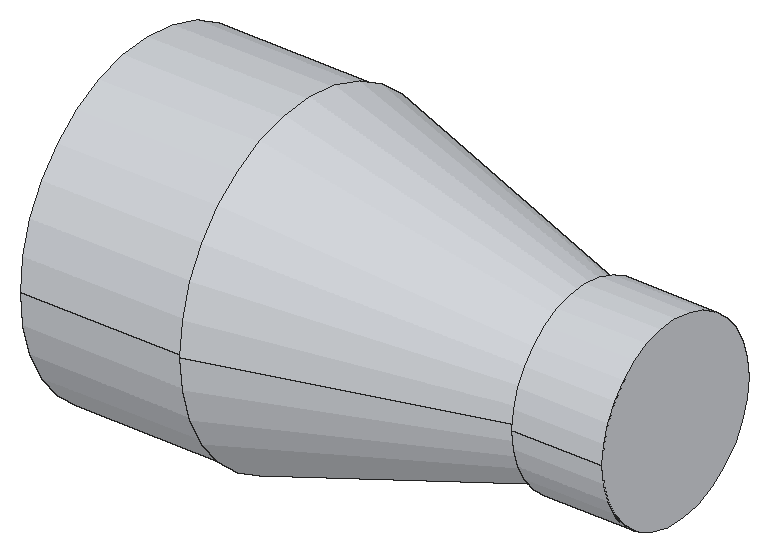
Revit family "Doppelmuffen-Reduktion", category Rohrformteile, Revit 2020
Family settings
  Bemaßung runder Anschluss = Radius verwenden
  Teiletyp = Übergang
  Arbeitsebenenbasiert = Nein
  Immer vertikal = Ja
  Beim Laden mit Abzugskörper schneiden = Nein
  Gemeinsam genutzt = Nein
Parameters (values of type "Standard")
  € [instance] = size_lookup("Doppelmuffen-Reduktion", "Ausgabe1Euro", 0, Nenndurchmesser 1, Nenndurchmesser 2)  # 655.82
  max d1d2d3 [instance] = if(not(Nenndurchmesser 2 > Nenndurchmesser 1), Nenndurchmesser 1, Nenndurchmesser 2)  # 200 mm
  kg [instance] = size_lookup("Doppelmuffen-Reduktion", "Ausgabe2kg", 0.00 kg, Nenndurchmesser 1, Nenndurchmesser 2)  # 18.30 kg
  Vorgabe-Ansicht = 0 mm
  Symbolbreite Ausgang [instance] = if(Nenndurchmesser 2 > Nenndurchmesser 1, Nenndurchmesser 2, 1 mm)  # 1 mm
  Symbolbreite Eingang [instance] = if(Nenndurchmesser 1 > Nenndurchmesser 2, Nenndurchmesser 1, 1 mm)  # 200 mm
  Radius Muffe 2 [instance] = size_lookup("PressConnector", "Rad1", 0.52 * Nenndurchmesser 2 + 2.5 mm, Nenndurchmesser 2)  # 61 mm
  Radius Muffe 1 [instance] = size_lookup("PressConnector", "Rad1", 0.52 * Nenndurchmesser 1 + 2.5 mm, Nenndurchmesser 1)  # 106.5 mm
  Radius Muffenkontur 2 [instance] = size_lookup("PressConnector", "Rad2", 0.018 * Nenndurchmesser 2 + 2.5 mm, Nenndurchmesser 2)  # 10 mm
  Radius Muffenkontur 1 [instance] = size_lookup("PressConnector", "Rad2", 0.018 * Nenndurchmesser 1 + 2.5 mm, Nenndurchmesser 1)  # 6.1 mm
  Name der Abruftabelle = "Transition Stainless Steel Press"
  Muffenkontur Abstand 2 [instance] = size_lookup("PressConnector", "Lgt2", 0.15 * Nenndurchmesser 2 + 7.4 mm, Nenndurchmesser 2)  # 20 mm
  Muffenkontur Abstand 1 [instance] = size_lookup("PressConnector", "Lgt2", 0.15 * Nenndurchmesser 1 + 7.4 mm, Nenndurchmesser 1)  # 37.4 mm
  Länge Muffe 2 [instance] = size_lookup("PressConnector", "Lgt1", 0.46 * Nenndurchmesser 2 + 16 mm, Nenndurchmesser 2)  # 60 mm
  Länge Muffe 1 [instance] = size_lookup("PressConnector", "Lgt1", 0.46 * Nenndurchmesser 1 + 16 mm, Nenndurchmesser 1)  # 108 mm
  Radius außen 2 [instance] = size_lookup(Name der Abruftabelle, "ORad2", 0.54 * Nenndurchmesser 2 + 0.2 mm, Nenndurchmesser 1, Nenndurchmesser 2)  # 54.2 mm
  Radius außen 1 [instance] = size_lookup(Name der Abruftabelle, "ORad1", 0.54 * Nenndurchmesser 1 + 0.2 mm, Nenndurchmesser 1, Nenndurchmesser 2)  # 108.2 mm
  built-in parameter 1114211 [instance] = (empty or 0)
  built-in parameter 1114212 [instance] = (empty or 0)
  Nennradius 2 [instance] = 50 mm
  Nennradius 1 [instance] = 100 mm
  Nenndurchmesser 2 [instance] = Nennradius 2 * 2  # 100 mm
  Nenndurchmesser 1 [instance] = Nennradius 1 * 2  # 200 mm
  Loss Method = 1
  Länge [instance] = size_lookup(Name der Abruftabelle, "Lgt", 0.79 * Nenndurchmesser 1 + 25.8 mm, Nenndurchmesser 1, Nenndurchmesser 2)  # 183.8 mm
  K-Koeffizient-Tabelle = "Reduktionsstück/Kupplung/Verbindung/Erweiterungsstück"
  #strg [instance] = size_lookup("Doppelmuffen-Reduktion", "Ausgabe3Nummer", 0, Nenndurchmesser 1, Nenndurchmesser 2)  # 200100
  # [instance] = if(#strg = 125100, "FUCHSMMR125100", if(#strg = 150100, "FUCHSMMR150100", if(#strg = 150125, "FUCHSMMR150125", if(#strg = 200100, "FUCHSMMR200100", if(#strg = 200125, "FUCHSMMR200125", if(#strg = 200150, "FUCHSMMR200150", if(#strg = 250100, "FUCHSMMR250100", if(#strg = 250125, "FUCHSMMR250125", if(#strg = 250150, "FUCHSMMR250150", if(#strg = 250150, "FUCHSMMR250150", if(#strg = 250200, "FUCHSMMR250200", if(#strg = 300150, "FUCHSMMR300150", if(#strg = 300200, "FUCHSMMR300200", if(#strg = 300250, "FUCHSMMR350250", "-"))))))))))))))  # "FUCHSMMR200100"
Reference planes
  plane 1 "Mitte (Vorne/Hinten)": y = 0
  plane 2: z = 0
  plane 3 "Mitte (Links/Rechts)": x = 0
  plane 4: x = 183.8
  plane 5: x = -108
  plane 6: x = 243.8
  plane 7: x = -70.6
  plane 8: y = 106.5
  plane 9: y = 61
  plane 10: x = 223.8
  plane 11: z = 100
  plane 12: z = -100
  plane 13: y = 100
  plane 14: y = -100
  plane 15: y = 0.5
  plane 16: y = -0.5
  plane 17: z = 0.5
  plane 18: z = -0.5
Forms (mm)
  Extrusion 1, solid, detail levels fine
    sketch origin (183.8, 298.262, 1219.2) x (0, 1, 0) y (0, 0, 1)
      loop
        circle (-298.262, -1219.2) r 61
    from 0 to 60
  Extrusion 2, solid, detail levels fine
    sketch origin (0, 0, 0) x (0, 1, 0) y (0, 0, 1)
      loop
        circle (0, 0) r 106.5
    from 0 to -108
  Blend 3, solid, detail levels fine
    base sketch origin (0, 0, 0) x (0, 1, 0) y (0, 0, 1)
      loop
        circle (0, 0) r 108.2
    top sketch origin (0, 0, 0) x (0, 1, 0) y (0, 0, 1)
      loop
        circle (0, 0) r 54.2
    from 0 to 183.8
Lines and regions (mm)
  model lines, style "PipeFitting", detail levels coarse+medium
    curve 1: line (0, 100, 0) -> (0, -100, 0)
    curve 2: line (0, -100, 0) -> (183.8, -0.5, 0)
    curve 3: line (183.8, -0.5, 0) -> (183.8, 0.5, 0)
    curve 4: line (183.8, 0.5, 0) -> (0, 100, 0)
  model lines, detail levels coarse+medium
    curve 5: line (-108, 0, 0) -> (0, 0, 0)
    curve 6: line (243.8, 0, 0) -> (183.8, 0, 0)
  model lines, style "Symbol", detail levels coarse+medium
    curve 7: line (-108, 0, 0) -> (0, 0, 0)
    curve 8: line (183.8, 0, 0) -> (243.8, 0, 0)
    curve 9: line (0, 0, 100) -> (0, 0, -100)
    curve 10: line (183.8, 0, 0.5) -> (183.8, 0, -0.5)
    curve 11: line (183.8, 0, 0.5) -> (0, 0, 100)
    curve 12: line (183.8, 0, -0.5) -> (0, 0, -100)
    curve 13: circle (0, 0, 0) r 100 normal (1, 0, 0)
    curve 14: circle (0, 0, 0) r 50 normal (1, 0, 0)
Dimensions and locks
  "Länge": plane 3 "Mitte (Links/Rechts)" to plane 4
  "Länge Muffe 2": plane 4 to plane 6
  "Länge Muffe 1": plane 5 to plane 3 "Mitte (Links/Rechts)"
  "Muffenkontur Abstand 1": plane 5 to plane 7
  "Muffenkontur Abstand 2": plane 10 to plane 6
  "Radius Muffe 1": plane 1 "Mitte (Vorne/Hinten)" to plane 8
  "Radius Muffe 2": plane 9 to plane 1 "Mitte (Vorne/Hinten)"
  equal spacing: plane 12, level, plane 11
  "Symbolbreite Eingang": plane 12 to plane 11
  equal spacing: plane 15, plane 1 "Mitte (Vorne/Hinten)", plane 16
  "Symbolbreite Ausgang": plane 15 to plane 16
  equal spacing: plane 14, plane 1 "Mitte (Vorne/Hinten)", plane 13
  "Symbolbreite Eingang": plane 14 to plane 13
  equal spacing: plane 17, plane 2, plane 18
  "Symbolbreite Ausgang": plane 17 to plane 18
  "Radius Muffe 2": radius of Extrusion 1 sketch curve
  "Radius Muffe 1": radius of Extrusion 2 sketch curve
  "Radius außen 1": radius of Blend 3 sketch curve
  "Radius außen 2": radius of Blend 3 sketch curve
  "Nennradius 1": radius of curve 13
  "Nennradius 2": radius of curve 14
  aligned and locked: plane 2 to level
  aligned and locked: Extrusion 1 to plane 6
  aligned and locked: Extrusion 1 to plane 4
  aligned and locked: Extrusion 2 to plane 5
  aligned and locked: plane 3 "Mitte (Links/Rechts)" to Extrusion 2
  aligned and locked: Blend 3 to plane 4
  aligned and locked: Blend 3 to plane 3 "Mitte (Links/Rechts)"
  aligned and locked: plane 5 to curve 5
  aligned and locked: plane 1 "Mitte (Vorne/Hinten)" to curve 5
  aligned and locked: plane 6 to curve 6
  aligned and locked: curve 6 to plane 1 "Mitte (Vorne/Hinten)"
  aligned and locked: plane 5 to curve 7
  aligned and locked: curve 7 to plane 2
  aligned and locked: curve 8 to plane 2
  aligned and locked: plane 11 to curve 9
  aligned and locked: curve 9 to plane 3 "Mitte (Links/Rechts)"
  aligned and locked: curve 10 to plane 17
  aligned and locked: curve 10 to plane 18
  aligned and locked: curve 10 to plane 4
Automatic sketch dimensions
  curve 2 to plane 3 "Mitte (Links/Rechts)" = 0 mm
  curve 6 to plane 4 = 0 mm
  plane 14 to curve 1 = 0 mm
  curve 2 to plane 16 = 0 mm
  curve 3 to plane 15 = 0 mm
  plane 13 to curve 1 = 0 mm
  plane 6 to curve 8 = 0 mm
  curve 12 to plane 12 = 0 mm
  Extrusion 1 sketch curve to level = 0 mm
  Extrusion 1 sketch curve to plane 1 "Mitte (Vorne/Hinten)" = 0 mm
  Extrusion 2 sketch curve to level = 0 mm
  Extrusion 2 sketch curve to plane 1 "Mitte (Vorne/Hinten)" = 0 mm
  Blend 3 sketch curve to level = 0 mm  (x2)
  Blend 3 sketch curve to plane 1 "Mitte (Vorne/Hinten)" = 0 mm  (x2)
  curve 13 to curve 14 = 0 mm  (x2)
  curve 14 to level = 0 mm
  curve 14 to plane 1 "Mitte (Vorne/Hinten)" = 0 mm
Connectors
  piping at (-108, 0, 0), diameter 200, driven by "Nennradius 1"
    settings: on Extrusion 2, index 1, connector inside diameter 15 mm, connector length 0 mm, flow factor 0, pipe flow 0 GPM, pressure drop 0.00 psi, fitting loss kfactor 0, connector angle 0.00°, fixture units 0, engagement length 0 mm, angle of deflection 0.00°, flow configuration 0, flow direction 0, fitting loss method 0, system type 28, joint type 0, gender type 0, connector reference index 2, connector utility 0, adjustable connector no, is connector primary yes, connector description ""
  piping at (243.8, 0, 0), diameter 100, driven by "Nennradius 2"
    settings: on Extrusion 1, index 2, connector inside diameter 12 mm, connector length 0 mm, flow factor 0, pipe flow 0 GPM, pressure drop 0.00 psi, fitting loss kfactor 0, connector angle 0.00°, fixture units 0, engagement length 0 mm, angle of deflection 0.00°, flow configuration 0, flow direction 0, fitting loss method 0, system type 28, joint type 0, gender type 0, connector reference index 1, connector utility 0, adjustable connector no, is connector primary no, connector description ""
